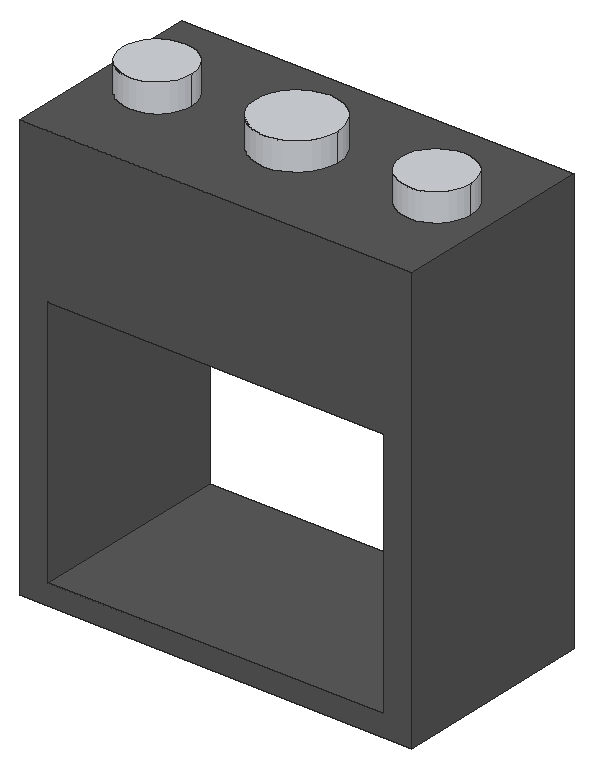
Revit family "montigo-commercial-see-through-low-profile-fireplace-BF48ST", category Generic Models, Revit 2019
Family settings
  Can host rebar = No
  Round Connector Dimension = Use Diameter
  Part Type = Normal
  Work Plane-Based = No
  Always vertical = Yes
  Cut with Voids When Loaded = No
  Shared = No
  Room Calculation Point = No
Parameters
  URL = "https://www.montigo.com/"
  Model = ""
  Manufacturer Fax = ""
  Manufacturer Website = "https://www.montigo.com/"
  Manufacturer Phone - Toll Free = "800-378-3115"
  Manufacturer Phone = ""
  Manufacturer Address = "27342 Gloucester Way  Langley, BC, Canada   V4W 4A1"
  Manufacturer = "Montigo"
  Keynote = ""
  Glazing Tint = Glass - Montigo - Tint as Specified
  Frame Material = Metal - Montigo - Black
  Firebox Material = Metal - Montigo - White
  Description = "Montigo Fireplace as Specified"
Reference planes (in)
  plane 1 "Center (Front/Back)": y = 0
  plane 2: z = 0
  plane 3 "Center (Left/Right)": x = 0
Forms (in)
  Extrusion 1, solid, material "Metal - Montigo - Black" <- "Frame Material"
    sketch origin (15, -15, 0) x (1, 0, 0) y (0, 1, 0)
      loop
        line (-43, 29.5) -> (-43, 0.5) -> (13, 0.5) -> (13, 29.5) -> (-43, 29.5)
    from 0 to 61
  Extrusion 2, solid
    sketch origin (0, 0, 0) x (1, 0, 0) y (0, 1, 0)
      loop
        circle (-20, 0) r 4.9375
      loop
        circle (20, 0) r 4.9375
      loop
        circle (0, 0) r 5.875
    from 61 to 65
  Extrusion 3, void
    sketch origin (19.1875, -6.15625, 0) x (-1, 0, 0) y (0, 0, -1)
      loop
        line (43.1875, -39) -> (43.1875, -3) -> (-4.8125, -3) -> (-4.8125, -39) -> (43.1875, -39)
    from -32.54069 to 12
Cuts and joins
  Extrusion 3 cuts Extrusion 1
Dimensions and locks (in)
  aligned and locked: level to plane 2
Connectors (in)
  hvac at (-20, 0, 65)
    settings: on Extrusion 2, index 1, duct flow 0.0 L/s, flow factor 0, pres drop 0.0 Pa, loss coef 0, conn angle 0.00°, conn width 304.8 mm, conn height 304.8 mm, conn diameter 250.924 mm, duct sys type 3, conn prof type 0, flow config 0, flow direction 0, loss method 0, conn ref index -1, conn util no, is conn primary yes, conn desc ""
  hvac at (0, 0, 65)
    settings: on Extrusion 2, index 2, duct flow 0.0 L/s, flow factor 0, pres drop 0.0 Pa, loss coef 0, conn angle 0.00°, conn width 304.8 mm, conn height 304.8 mm, conn diameter 298.45 mm, duct sys type 3, conn prof type 0, flow config 0, flow direction 0, loss method 0, conn ref index -1, conn util no, is conn primary no, conn desc ""
  hvac at (20, 0, 65)
    settings: on Extrusion 2, index 3, duct flow 0.0 L/s, flow factor 0, pres drop 0.0 Pa, loss coef 0, conn angle 0.00°, conn width 304.8 mm, conn height 304.8 mm, conn diameter 250.924 mm, duct sys type 3, conn prof type 0, flow config 0, flow direction 0, loss method 0, conn ref index -1, conn util no, is conn primary no, conn desc ""
